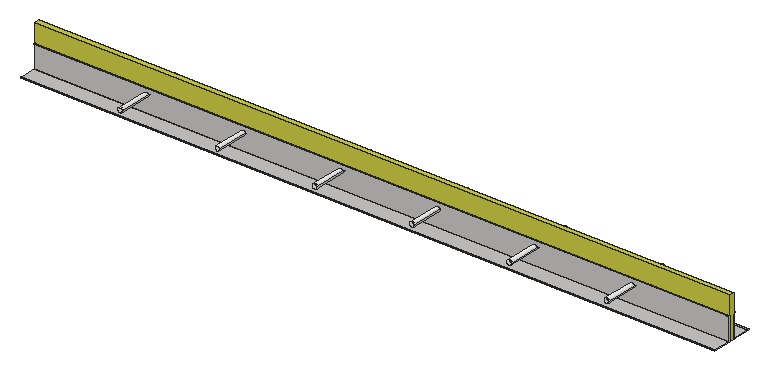
Revit family "Lydfuge_TYPE_", category Generic Models, Revit 2018
Family settings
  Can host rebar = No
  Round Connector Dimension = Use Diameter
  Part Type = Normal
  Work Plane-Based = Yes
  Always vertical = No
  Cut with Voids When Loaded = No
  Shared = No
  Room Calculation Point = No
Parameters (values of type "120mm")
  Width [instance] = 65 mm
  URL = "https://katalog.haucon.no/category/produkter/fugelosninger/lydfuge/lydfuge"
  Type Comments = "Isolasjon 30mm over OK.Dekke"
  Total heigth [instance] = 150 mm
  Total Length [instance] = 2500 mm
  Tech Data Sheet [instance] = "https://katalog.haucon.no/pdf/17445td.pdf"
  Stainless [instance] = no
  Order Sheet [instance] = "https://katalog.haucon.no/pdf/17445bs.pdf"
  Model = "120mm"
  Length steel dybel [instance] = 250 mm
  Heigth dybel [instance] = 60 mm
  Height [instance] = 85 mm
  Galvanized [instance] = no
  FDV documentation [instance] = "https://katalog.haucon.no/pdf/17445fd.pdf"
  Dybel Visible  YES/NO [instance] = yes
  Dybel Spacing [instance] = 350 mm
  Diameter [instance] = 8 mm
  Default Elevation = 1219.2 mm
Types (4, lengths in mm): name | Width | Total heigth | Model | Heigth dybel | Height
  80mm | 85 | 110 | "80mm" | 30 | 65
  100mm | 85 | 130 | "100mm" | 30 | 65
  120mm | 65 | 150 | "120mm" | 60 | 85
  150mm | 65 | 180 | "150mm" | 50 | 85
Reference planes
  plane 1 "Center (Front/Back)": y = 0
  plane 2: z = 0
  plane 3 "Center (Left/Right)": x = 0
  plane 4: y = 20
  plane 5: x = -2500
  plane 6: y = 10
  plane 7: z = 20
Forms (mm)
  Extrusion 1, solid, material "Steel, Galvanized"
    sketch origin (-3338.67, 0, 0) x (0, 1, 0) y (0, 0, 1)
      loop
        line (-65, 2.655) -> (-65, 0) -> (0, 0) -> (0, 85) -> (-2.864, 85) -> (-2.864, 84.193) -> (-0.8, 84.193) -> (-0.8, 0.8) -> (-64.215, 0.8) -> (-64.215, 2.655) -> (-65, 2.655)
    from 838.67 to 3338.67
  Extrusion 2, solid, material "Insulation Glava"
    sketch origin (-3338.67, 0, 0) x (0, 1, 0) y (0, 0, 1)
      loop
        line (0, 0) -> (20, 0) -> (20, 150) -> (0, 150) -> (0, 0)
    from 838.67 to 3338.67
  Extrusion 3, solid, material "Steel, Galvanized"
    sketch origin (-3338.67, 20, 0) x (0, -1, 0) y (0, 0, -1)
      loop
        line (-65, -2.655) -> (-64.215, -2.655) -> (-64.215, -0.8) -> (-0.8, -0.8) -> (-0.8, -84.193) -> (-2.864, -84.193) -> (-2.864, -85) -> (0, -85) -> (0, 0) -> (-65, 0) -> (-65, -2.655)
    from 838.67 to 3338.67
Text (mm)
  text "H1" at (0, 95.798, 53.483), in view "Left"
  text "H2" at (0, -28.75, 63.414), in view "Left"
  text "BI" at (0, 13.153, -8.597), in view "Left"
Dimensions and locks
  Extrusion 2 to Extrusion 1 = 150 mm
  Extrusion 3 to Extrusion 2 = 20 mm
  "Total Length": plane 3 "Center (Left/Right)" to plane 5
  "Total heigth": Extrusion 2 to Extrusion 2
  Extrusion 3 to Extrusion 3 = 0.785 mm
  Extrusion 3 to Extrusion 3 = 0.807 mm
  "Width": Extrusion 1 to Extrusion 1
  Extrusion 1 to Extrusion 1 = 0.785 mm
  "Width": Extrusion 3 to Extrusion 3
  "Height": Extrusion 3 to Extrusion 3
  "Height": Extrusion 1 to Extrusion 1
  Extrusion 1 to Extrusion 1 = 0.807 mm
  aligned and locked: level to plane 2
  aligned and locked: Extrusion 3 to plane 5
  aligned and locked: Extrusion 2 to Extrusion 3
  aligned and locked: Extrusion 1 to Extrusion 2
  aligned and locked: plane 3 "Center (Left/Right)" to Extrusion 1
  aligned and locked: plane 3 "Center (Left/Right)" to Extrusion 2
  aligned and locked: plane 3 "Center (Left/Right)" to Extrusion 3
Automatic sketch dimensions
  Extrusion 1 sketch curve to level = 0 mm
  Extrusion 1 sketch curve to plane 1 "Center (Front/Back)" = 0 mm
  plane 1 "Center (Front/Back)" to Extrusion 1 sketch curve = 0.8 mm
  Extrusion 1 sketch curve to Extrusion 1 sketch curve = 2.064 mm
  level to Extrusion 1 sketch curve = 0.8 mm
  Extrusion 1 sketch curve to Extrusion 1 sketch curve = 63.415 mm
  Extrusion 1 sketch curve to Extrusion 1 sketch curve = 0.785 mm
  Extrusion 1 sketch curve to Extrusion 1 sketch curve = 1.855 mm
  Extrusion 1 sketch curve to Extrusion 1 sketch curve = 83.393 mm
  Extrusion 1 sketch curve to Extrusion 1 sketch curve = 0.807 mm
  Extrusion 2 sketch curve to plane 1 "Center (Front/Back)" = 0 mm
  Extrusion 2 sketch curve to plane 4 = 0 mm
  Extrusion 2 sketch curve to level = 0 mm
  level to Extrusion 2 sketch curve = 150 mm
  Extrusion 3 sketch curve to level = 0 mm
  Extrusion 3 sketch curve to plane 4 = 0 mm
  plane 4 to Extrusion 3 sketch curve = 0.8 mm
  Extrusion 3 sketch curve to Extrusion 3 sketch curve = 2.064 mm
  Extrusion 3 sketch curve to level = 0.8 mm
  Extrusion 3 sketch curve to Extrusion 3 sketch curve = 63.415 mm
  Extrusion 3 sketch curve to Extrusion 3 sketch curve = 0.785 mm
  Extrusion 3 sketch curve to Extrusion 3 sketch curve = 1.855 mm
  Extrusion 3 sketch curve to Extrusion 3 sketch curve = 83.393 mm
  Extrusion 3 sketch curve to Extrusion 3 sketch curve = 0.807 mm
Nested families
  nested 1: "Parametrisk Dybel_TEST" at (0, 10, 0) x (-1, 0, 0) z (0, 0, 1), Total Length <- "Total Length", Length steel dybel <- "Length steel dybel", Heigth dybel <- "Heigth dybel", Dybel Spacing <- "Dybel Spacing", Diameter <- "Diameter", visible <- "Dybel Visible  YES/NO", type "Parametrisk Dybel_TEST"
    with Total Length 2500 mm, Stainless no, Length steel dybel 250 mm, Heigth dybel 60 mm, Galvanized no, Dybel Spacing 350 mm, Dybel Count 6, Diameter 8 mm
Definition of nested family "Parametrisk Dybel_TEST"
  Parameters (values of type "Parametrisk Dybel_TEST")
    Total Length [instance] = 2500 mm
    Stainless [instance] = no
    Length steel dybel [instance] = 250 mm
    Heigth dybel [instance] = 0 mm
    Galvanized [instance] = no
    Dybel Spacing [instance] = 350 mm
    Dybel Count [instance] = (Total Length / Dybel Spacing) - 1  # 6
    Diameter [instance] = 8 mm
    Default Elevation = 1219.2 mm
  Reference planes
    plane 1 "Center (Front/Back)": y = 0
    plane 2: z = 0
    plane 3 "Center (Left/Right)": x = 0
    plane 4: x = 2500
    plane 5: x = 1250
  Dimensions and locks
    equal spacing: plane 4, plane 5, plane 3 "Center (Left/Right)"
    "Total Length": plane 4 to plane 3 "Center (Left/Right)"
    "Dybel Spacing": nested 1 to plane 3 "Center (Left/Right)"
    equal spacing: group 1, group 2, group 3, group 4, group 5, group 6  (x3)
    "Dybel Spacing": nested 2 to nested 1
    aligned and locked: level to plane 2
  Nested families
    nested 1: "Parametrisk Dybel_P_" at (350, 0, 0), Diameter <- "Diameter", Length steel dybel <- "Length steel dybel", Galvanized <- "Galvanized", Stainless <- "Stainless", Heigth dybel <- "Heigth dybel", type "Parametrisk Dybel_P_"
      with Stainless no, Length steel dybel 250 mm, Heigth dybel 0 mm, Galvanized no, Diameter 8 mm
    nested 2: "Parametrisk Dybel_P_" at (700, 0, 0), Diameter <- "Diameter", Length steel dybel <- "Length steel dybel", Galvanized <- "Galvanized", Stainless <- "Stainless", Heigth dybel <- "Heigth dybel", type "Parametrisk Dybel_P_"
      with Stainless no, Length steel dybel 250 mm, Heigth dybel 0 mm, Galvanized no, Diameter 8 mm
    nested 3: "Parametrisk Dybel_P_" at (1050, 0, 0), Diameter <- "Diameter", Length steel dybel <- "Length steel dybel", Galvanized <- "Galvanized", Stainless <- "Stainless", Heigth dybel <- "Heigth dybel", type "Parametrisk Dybel_P_"
      with Stainless no, Length steel dybel 250 mm, Heigth dybel 0 mm, Galvanized no, Diameter 8 mm
    nested 4: "Parametrisk Dybel_P_" at (1400, 0, 0), Diameter <- "Diameter", Length steel dybel <- "Length steel dybel", Galvanized <- "Galvanized", Stainless <- "Stainless", Heigth dybel <- "Heigth dybel", type "Parametrisk Dybel_P_"
      with Stainless no, Length steel dybel 250 mm, Heigth dybel 0 mm, Galvanized no, Diameter 8 mm
    nested 5: "Parametrisk Dybel_P_" at (1750, 0, 0), Diameter <- "Diameter", Length steel dybel <- "Length steel dybel", Galvanized <- "Galvanized", Stainless <- "Stainless", Heigth dybel <- "Heigth dybel", type "Parametrisk Dybel_P_"
      with Stainless no, Length steel dybel 250 mm, Heigth dybel 0 mm, Galvanized no, Diameter 8 mm
    nested 6: "Parametrisk Dybel_P_" at (2100, 0, 0), Diameter <- "Diameter", Length steel dybel <- "Length steel dybel", Galvanized <- "Galvanized", Stainless <- "Stainless", Heigth dybel <- "Heigth dybel", type "Parametrisk Dybel_P_"
      with Stainless no, Length steel dybel 250 mm, Heigth dybel 0 mm, Galvanized no, Diameter 8 mm
  Definition of nested family "Parametrisk Dybel_P_"
    Parameters (values of type "Parametrisk Dybel_P_")
      URL = "https://katalog.haucon.no/category/produkter/innstopningsgods/dybler-hylser/stangdybel-med-tilbehor"
      Stainless [instance] = no
      Model = "Dybel"
      Length steel dybel [instance] = 250 mm
      Heigth dybel [instance] = 30 mm
      Galvanized [instance] = no
      Diameter [instance] = 8 mm
      Default Elevation = 1219.2 mm
    Reference planes
      plane 1 "Center (Front/Back)": y = 0
      plane 2: z = 0
      plane 3 "Center (Left/Right)": x = 0
      plane 4: z = 30
    Forms (mm)
      Extrusion 1, solid
        sketch origin (0, 125, 0) x (1, 0, 0) y (0, 0, 1)
          loop
            circle (0, 30) r 8
        from 0 to 250
    Dimensions and locks
      "Heigth dybel": plane 4 to level
      equal spacing: Extrusion 1, plane 1 "Center (Front/Back)", Extrusion 1
      "Length steel dybel": Extrusion 1 to Extrusion 1
      "Diameter": radius of Extrusion 1 sketch curve
      aligned and locked: level to plane 2
    Automatic sketch dimensions
      Extrusion 1 sketch curve to plane 3 "Center (Left/Right)" = 0 mm
      Extrusion 1 sketch curve to plane 4 = 0 mm
